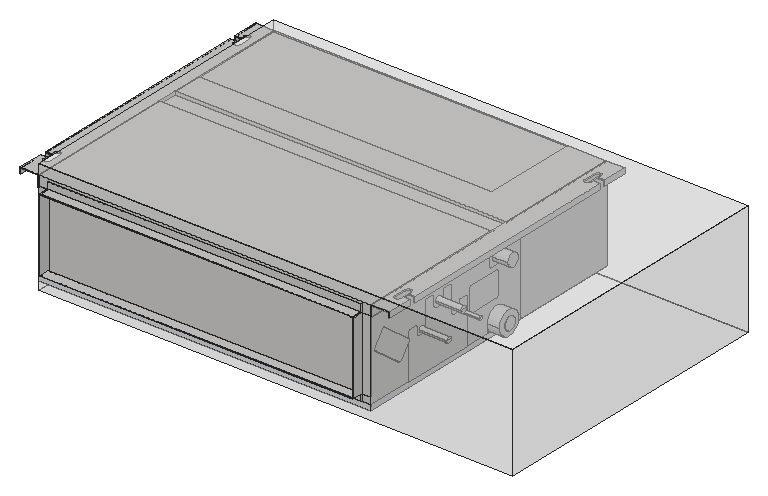
Revit family "outputfile", category 機械設備, Revit 2024
Family settings
  丸型コネクタ寸法 = 半径を使用
  パーツ タイプ = 標準
  OmniClass 番号 = 23.75.10.24.21.27.27
  OmniClass タイトル = Split System Air Conditioning Units
  作業面ベース = いいえ
  常に垂直 = はい
  ロード時にボイドで切り取り = いいえ
  注釈の向きを維持 = いいえ
  共有 = いいえ
  部屋計算ポイント = はい
Parameters (values of type "FPRQ25APVM")
  Description = ""
  書き出し IFC クラス(タイプ) = "IfcUnitaryEquipmentType"
  定義済み IFC タイプ(タイプ) = "AIRCONDITIONINGUNIT"
  Cost = 0
  Type Comments = ""
  Keynote = ""
  Type Image = (empty or 0)
  Assembly Code = ""
  w_RA Duct Size = RA Duct Size Width + 40.0 mm  # 620.0 mm
  r_HP/LP Gas Pipe Size = [HP/LP Gas Pipe Size] / 2  # 4.75 mm
  lw_HP/LP Gas Pipe Size = 60.0 mm  # constant formula
  lh_HP/LP Gas Pipe Size = -103.0 mm
  ld_HP/LP Gas Pipe Size = 131.0 mm
  製造元 = "Daikin"
  モデル = "FPRQ25APVM"
  w_pipe = 33.0 mm
  r_Liquid Pipe Size = Liquid Pipe Size / 2  # 3.2 mm
  r_Gas Pipe Size = Gas Pipe Size / 2  # 6.35 mm
  r_Drain Pipe Size = Drain Pipe Size / 2  # 13.0 mm
  lw_powersupply = 304.0 mm
  lh_suctionflange [instance] = if(Rear Connection_Return Air, 100.0 mm + [h***], 190.0 mm + [h***])  # 100.0 mm
  ld_suctionflange [instance] = if(Rear Connection_Return Air, 190.0 mm, 100.0 mm)  # 190.0 mm
  ld_powersupply = 60.0 mm
  angle_vertical_RA [instance] = if(Rear Connection_Return Air, 90.00°, 0.00°)  # 90.00°
  angle horizontal_RA [instance] = if(Rear Connection_Return Air, 180.00°, 270.00°)  # 180.00°
  Voltage_comment_60Hz = "220-230"
  Voltage_comment_50Hz = "220 - 240"
  Voltage_60Hz = 220 V
  Voltage_50Hz = 230 V
  URL = ""
  Supply Air Direction [instance] = yes
  Sound Power Level_H speed (dB) = 0
  Rear Connection_Return Air [instance] = not(Bottom Connection_Return Air)  # yes
  RA_length = 190.0 mm  # constant formula
  Phase_60Hz = 1
  Phase_50Hz = 1
  Minimum External Static Pressure = 0.00 Pa
  Minimum Circuit Amps_60Hz = 0.44 A
  Minimum Circuit Amps_50Hz = 0.44 A
  Maximum Fuse Amps_60Hz = 16.0 A
  Maximum Fuse Amps_50Hz = 16.0 A
  Maximum External Static Pressure = 40.00 Pa
  Material_Casing = DAIKIN_GalvanizedSteel_Casing_indoorunit
  lw_liquidpipe = 54.5 mm  # constant formula
  lw_gaspipe = 54.5 mm  # constant formula
  lw_mountinghole_pitch = Width + 40.0 mm  # 740.0 mm
  lw_mountinghole = 20.0 mm  # constant formula
  lw_drainpipe = 33.0 mm  # constant formula
  lh_powersupply = 10.0 mm
  lh_liquidpipe = 97.0 mm
  lh_gaspipe = 133.0 mm
  lh_mountinghole = Height + [h***]  # 200.0 mm
  lh_drainpipe = 50.0 mm
  lh_antena = 1.0 mm  # constant formula
  ld_liquidpipe = 221.0 mm  # constant formula
  ld_gaspipe = 176.0 mm  # constant formula
  ld_mountinghole_pitch = 500.0 mm  # constant formula
  ld_drainpipe = 287.0 mm  # constant formula
  ld_controlbox = 626.0 mm  # constant formula
  h*** = 0.0 mm  # constant formula
  d_dischargeflange = 22.2 mm  # constant formula
  Width = 700.0 mm
  Version = "ver.1.0"
  Unit Type = "Compact Moisture Control Ceiling Mounted Duct Type"
  Unit Mass Weight = 24.00 kg
  Unit Designation [instance] = ""
  Uniclass2015Version = "Products v1.30"
  Uniclass2015Title = "Variable refrigerant flow units"
  Uniclass2015Code = "Pr_70_65_03_94"
  Total Cooling Capacity [instance] = 0.000 kW
  Sound Pressure Level_M speed (dBA) = 26
  Sound Pressure Level_L speed (dBA) = 23
  Sound Pressure Level_H speed (dBA) = 29
  Series = "VRV HOME_Fan Coil Unit"
  Sensible Cooling Capacity [instance] = 0.000 kW
  SA Duct Size Width = 660.0 mm
  SA Duct Size Height = 153.0 mm
  Refrigerant Type = "R410A"
  RA Duct Size Width = 580.0 mm
  RA Duct Size Height = 160.0 mm
  Power Input (Cooling) = 0.033 kW
  Option Accessory 3 [instance] = ""
  Option Accessory 2 [instance] = ""
  Option Accessory 1 [instance] = ""
  Nominal Cooling Capacity = 2.800 kW
  Minimum Airflow = 324.00 m³/h
  Median Airflow = 378.00 m³/h
  Maximum Airflow = 432.00 m³/h
  Load Classification = HVAC
  Liquid Pipe Size = 6.4 mm
  Link_Nested Family [instance] = ""
  IfcVersion = ""
  IfcExportType = "AIRCONDITIONINGUNIT"
  IfcExportAs = "IfcUnitaryEquipmentType"
  Height = 200.0 mm
  Heat Exchanger Type = "Cross Fin Coil"
  HP/LP Gas Pipe Size = 9.5 mm
  Gas Pipe Size = 12.7 mm
  Frequency_60Hz = 60 Hz
  Frequency_50Hz = 50 Hz
  Fan Type = "Sirocco Fan"
  Fan Drive = "Direct Drive"
  FCU Tag No. [instance] = ""
  Drain Pipe Size = 26.0 mm
  Design Supply Airflow [instance] = 0.00 m³/h
  Design Return Airflow [instance] = 0.00 m³/h
  Design External Static Pressure [instance] = 0.00 Pa
  Depth = 620.0 mm
  既定の高さ = 0.0 mm
  Cooling Entering Wet Bulb Temperature [instance] = 0.00 °C
  Cooling Entering Dry Bulb Temperature [instance] = 0.00 °C
  Cooling Ambient Wet Bulb Temperature [instance] = 0.00 °C
  Cooling Ambient Dry Bulb Temperature [instance] = 0.00 °C
  Clearance visibility [instance] = yes
  Clearance Top = 20.0 mm
  Clearance Right = 300.0 mm
  Clearance Rear = 0.0 mm
  Clearance Left = 0.0 mm
  Clearance Front = 0.0 mm
  Clearance Bottom = 20.0 mm
  Bottom Connection_Return Air [instance] = no
Reference planes
  plane 1 "Center (Front/Back)": y = 0
  plane 2: z = 0
  plane 3 "Center (Left/Right)": x = 0
  plane 4 "Back": y = 310
  plane 5 "Front": y = -310
  plane 6 "Left": x = -350
  plane 7 "Right": x = 350
  plane 8 "Top": z = 0
  plane 9 "Bottom": z = -200
  plane 10: x = 330
  plane 11: x = -330
  plane 12: z = -190
  plane 13: z = -6
  plane 14: z = -22
  plane 15: z = -103
  plane 16: z = -67
  plane 17: x = -304
  plane 18: x = 304
  plane 19: x = -370
  plane 20: x = 370
  plane 21: y = -250
  plane 22: y = 250
  plane 23: x = -390
  plane 24: x = 390
  plane 25: x = 404.5
  plane 26: x = 404.5
  plane 27: x = 383
  plane 28: z = 0
  plane 29: z = -150
  plane 30 "Clearance Left": x = -350
  plane 31 "Clearance Right": x = 650
  plane 32 "Clearance Rear": y = 310
  plane 33 "Clearance Front": y = -310
  plane 34 "Clearance Top": z = 20
  plane 35 "Clearance Bottom": z = -220
  plane 36: z = -21
  plane 37: z = -50
  plane 38: z = -96.5
  plane 39: x = -40
  plane 40: y = -134
  plane 41: y = -89
  plane 42: y = -30
  plane 43: y = 23
  plane 44: z = -97.5
  plane 45: y = -309
  plane 46: x = -349
  plane 47: z = -100
  plane 48: z = -30
  plane 49: y = 210
  plane 50: z = 301
  plane 51: z = -199
  plane 52: y = 120
  plane 53: z = -101
  plane 54: x = 380
  plane 55: z = 11
  plane 56: z = 102.5
  plane 57: y = -179
Forms (mm)
  Extrusion 1, solid
    sketch origin (0, 0, 0) x (1, 0, 0) y (0, 0, 1)
      loop
        line (-350, -189.537) -> (-350, -200) -> (350, -200) -> (350, -189.537) -> (-350, -189.537)
    from -84 to 310
  Extrusion 2, solid, material "DAIKIN_GalvanizedSteel_Casing_indoorunit" <- "Material_Casing"
    sketch origin (0, 0, 0) x (1, 0, 0) y (0, 1, 0)
      loop
        line (-350, -310) -> (350, -310) -> (350, 310) -> (-350, 310) -> (-350, -310)
    from -200 to 0
  Extrusion 3, void
    sketch origin (0, 0, 1) x (1, 0, 0) y (0, 1, 0)
      loop
        line (-350, 48) -> (-350, 6) -> (350, 6) -> (350, 48) -> (-350, 48)
    from -1 to -7
  Extrusion 4, void
    sketch origin (350, 0, 0) x (0, 1, 0) y (0, 0, 1)
      loop
        line (44.5, -189.537) -> (44.5, -170)
        arc (44.5, -170) -> (20, -145.5) -> (-4.5, -170) r 24.5
        line (-4.5, -170) -> (-4.5, -189.537) -> (44.5, -189.537)
    from -1 to 0
  Revolve 5, solid, material "DAIKIN_GalvanizedSteel_Casing_indoorunit" <- "Material_Casing"
    sketch origin (0, 0, -67) x (0, -1, 0) y (1, 0, 0)
      loop
        line (127.65, 351) -> (134, 351) -> (134, 404.5) -> (127.65, 404.5) -> (127.65, 351)
      axis (134, 351) -> (134, 404.5)
    angle from 0 to 360
  Revolve 6, solid, material "DAIKIN_GalvanizedSteel_Casing_indoorunit" <- "Material_Casing"
    sketch origin (0, 0, -103) x (0, -1, 0) y (1, 0, 0)
      loop
        line (89, 351) -> (89, 404.5) -> (85.8, 404.5) -> (85.8, 351) -> (89, 351)
      axis (89, 404.5) -> (89, 351)
    angle from 0 to 360
  Extrusion 7, solid, material "DAIKIN_GalvanizedSteel_Casing_indoorunit" <- "Material_Casing"
    sketch origin (350, 0, 0) x (0, 1, 0) y (0, 0, 1)
      loop
        circle (23, -50) r 13
    from 0 to 33
  Extrusion 8, solid, material "DAIKIN_GalvanizedSteel_Casing_indoorunit" <- "Material_Casing"
    sketch origin (0, 0, 0) x (1, 0, 0) y (0, 0, 1)
      loop
        line (-350, -189.537) -> (-350, -200) -> (350, -200) -> (350, -189.537) -> (-350, -189.537)
    from -84 to 310
  Extrusion 9, solid, material "DAIKIN_GalvanizedSteel_Casing_indoorunit" <- "Material_Casing", visible <- "Bottom Connection_Return Air"
    sketch origin (0, 0, 0) x (1, 0, 0) y (0, 0, 1)
      loop
        line (269, -200) -> (269, -1) -> (-349, -1) -> (-349, -200) -> (269, -200)
    from -310 to -309
  Extrusion 10, void
    sketch origin (0, 0, 0) x (1, 0, 0) y (0, 0, 1)
      loop
        line (269, 0) -> (-349, 0) -> (-349, -1) -> (269, -1) -> (269, 0)
    from -310 to -111
  Extrusion 11, solid, material "DAIKIN_GalvanizedSteel_Casing_indoorunit" <- "Material_Casing", visible <- "Rear Connection_Return Air"
    sketch origin (0, 0, 0) x (1, 0, 0) y (0, 1, 0)
      loop
        line (-349, 310) -> (-349, 111) -> (269, 111) -> (269, 310) -> (-349, 310)
    from -200 to -199
  Extrusion 12, solid, material "DAIKIN_GalvanizedSteel_Casing_indoorunit" <- "Material_Casing"
    sketch origin (350, 0, 0) x (0, 1, 0) y (0, 0, 1)
      loop
        line (310, -22.445) -> (86.953, -22.445)
        arc (86.953, -22.445) -> (84.831, -23.324) -> (83.953, -25.445) r 3
        line (83.953, -25.445) -> (83.953, -195.005)
        arc (83.953, -195.005) -> (84.831, -197.126) -> (86.953, -198.005) r 3
        line (86.953, -198.005) -> (310, -198.005) -> (310, -22.445)
    from 1 to 0
  Extrusion 13, void
    sketch origin (350, 0, 0) x (0, 1, 0) y (0, 0, 1)
      loop
        arc (38.961, -70.949) -> (42.488, -69.488) -> (43.949, -65.961) r 4.988
        line (43.949, -65.961) -> (43.949, -34.039)
        arc (43.949, -34.039) -> (42.488, -30.512) -> (38.961, -29.051) r 4.988
        line (38.961, -29.051) -> (7.039, -29.051)
        arc (7.039, -29.051) -> (3.512, -30.512) -> (2.051, -34.039) r 4.988
        line (2.051, -34.039) -> (2.051, -65.961)
        arc (2.051, -65.961) -> (3.512, -69.488) -> (7.039, -70.949) r 4.988
        line (7.039, -70.949) -> (38.961, -70.949)
    from 0 to -1
  Extrusion 14, solid, material "DAIKIN_GalvanizedSteel_Casing_indoorunit" <- "Material_Casing"
    sketch origin (350, 0, 0) x (0, 1, 0) y (0, 0, 1)
      loop
        circle (20, -170) r 24.5
    from 27 to -1
  Extrusion 15, solid, material "DAIKIN_GalvanizedSteel_Casing_indoorunit" <- "Material_Casing"
    sketch origin (350, 0, 0) x (0, 1, 0) y (0, 0, 1)
      loop
        circle (20, -170) r 13
    from 30 to 27
  Revolve 16, solid, material "DAIKIN_GalvanizedSteel_Casing_indoorunit" <- "Material_Casing"
    sketch origin (0, -90, -103) x (0, -1, 0) y (1, 0, 0)
      loop
        line (89, 351) -> (89, 410) -> (84.25, 410) -> (84.25, 351) -> (89, 351)
      axis (89, 410) -> (89, 351)
    angle from 0 to 360
  Extrusion 17, solid, material "DAIKIN_GalvanizedSteel_Casing_indoorunit" <- "Material_Casing"
    sketch origin (350, 0, 0) x (0, 1, 0) y (0, 0, 1)
      loop
        line (-211.205, -110.811) -> (-211.205, -106.897) -> (-275.959, -56.305)
        arc (-275.959, -56.305) -> (-277.067, -55.998) -> (-278.067, -56.564) r 1.502
        line (-278.067, -56.564) -> (-301.436, -86.475)
        arc (-301.436, -86.475) -> (-302.05, -88.69) -> (-300.919, -90.691) r 3.003
        line (-300.919, -90.691) -> (-237.814, -139.993)
        arc (-237.814, -139.993) -> (-235.6, -140.607) -> (-233.599, -139.475) r 3.003
        line (-233.599, -139.475) -> (-211.205, -110.811)
      loop
        line (-50.992, -82.409) -> (-50.992, -128.409)
        arc (-50.992, -128.409) -> (-50.114, -130.53) -> (-47.992, -131.409) r 3
        line (-47.992, -131.409) -> (19.012, -131.409)
        arc (19.012, -131.409) -> (21.133, -130.53) -> (22.012, -128.409) r 3
        line (22.012, -128.409) -> (22.012, -82.409)
        arc (22.012, -82.409) -> (21.133, -80.287) -> (19.012, -79.409) r 3
        line (19.012, -79.409) -> (-47.992, -79.409)
        arc (-47.992, -79.409) -> (-50.114, -80.287) -> (-50.992, -82.409) r 3
    from 0 to 1
  Extrusion 18, solid, material "DAIKIN_GalvanizedSteel_Casing_indoorunit" <- "Material_Casing"
    sketch origin (350, 0, 0) x (0, 1, 0) y (0, 0, 1)
      loop
        line (-58.882, -189.537) -> (-58.882, -94.397)
        arc (-58.882, -94.397) -> (-59.762, -92.274) -> (-61.885, -91.394) r 3.003
        line (-61.885, -91.394) -> (-74.026, -91.394)
        arc (-74.026, -91.394) -> (-76.15, -92.274) -> (-77.029, -94.397) r 3.003
        line (-77.029, -94.397) -> (-77.029, -103)
        arc (-77.029, -103) -> (-88.474, -114.959) -> (-100.924, -104.052) r 11.971
        line (-100.924, -104.052) -> (-100.924, -56.159)
        arc (-100.924, -56.159) -> (-101.804, -54.035) -> (-103.927, -53.156) r 3.003
        line (-103.927, -53.156) -> (-116.44, -53.156)
        arc (-116.44, -53.156) -> (-118.563, -54.035) -> (-119.443, -56.159) r 3.003
        line (-119.443, -56.159) -> (-119.443, -67)
        arc (-119.443, -67) -> (-134, -81.557) -> (-148.557, -67) r 14.557
        line (-148.557, -67) -> (-148.557, -56.159)
        arc (-148.557, -56.159) -> (-149.437, -54.035) -> (-151.56, -53.156) r 3.003
        line (-151.56, -53.156) -> (-164.073, -53.156)
        arc (-164.073, -53.156) -> (-166.196, -54.035) -> (-167.076, -56.159) r 3.003
        line (-167.076, -56.159) -> (-167.076, -103)
        arc (-167.076, -103) -> (-179.13, -115.055) -> (-191.185, -103) r 12.055
        line (-191.185, -103) -> (-191.185, -94.397)
        arc (-191.185, -94.397) -> (-192.064, -92.274) -> (-194.188, -91.394) r 3.003
        line (-194.188, -91.394) -> (-208.202, -91.394)
        arc (-208.202, -91.394) -> (-210.325, -92.274) -> (-211.205, -94.397) r 3.003
        line (-211.205, -94.397) -> (-211.205, -189.537) -> (-58.882, -189.537)
    from 0 to 1
Cuts and joins
  Extrusion 3, Extrusion 4, Extrusion 10, Extrusion 13 cuts Extrusion 2
  Extrusion 4 cuts Extrusion 1
  Extrusion 10 cuts Extrusion 8
Dimensions and locks
  "lh_powersupply": plane 12 to plane 9 "Bottom"
  locked: plane 8 "Top" to plane 13 at 6
  "Height": plane 8 "Top" to plane 9 "Bottom"
  equal spacing: plane 17, plane 3 "Center (Left/Right)", plane 18, locked at 304 each
  plane 17 to plane 18 = 608.0 mm
  equal spacing: plane 19, plane 3 "Center (Left/Right)", plane 20
  "lw_mountinghole_pitch": plane 19 to plane 20
  locked: plane 14 to plane 9 "Bottom" at 178
  "lw_mountinghole": plane 23 to plane 19
  "lh_liquidpipe": plane 15 to plane 9 "Bottom"
  "lh_gaspipe": plane 16 to plane 9 "Bottom"
  "lh_mountinghole": plane 28 to plane 9 "Bottom"
  "ld_mountinghole_pitch": plane 22 to plane 21
  equal spacing: plane 6 "Left", plane 3 "Center (Left/Right)", plane 7 "Right"
  "Width": plane 6 "Left" to plane 7 "Right"
  "lh_drainpipe": plane 29 to plane 9 "Bottom"
  "Clearance Right": plane 7 "Right" to plane 31 "Clearance Right"
  "Clearance Left": plane 30 "Clearance Left" to plane 6 "Left"
  "lw_gaspipe": plane 7 "Right" to plane 26
  "lw_liquidpipe": plane 7 "Right" to plane 25
  "lw_drainpipe": plane 7 "Right" to plane 27
  "Clearance Rear": plane 32 "Clearance Rear" to plane 4 "Back"
  "Clearance Front": plane 5 "Front" to plane 33 "Clearance Front"
  "Clearance Top": plane 34 "Clearance Top" to plane 8 "Top"
  "Clearance Bottom": plane 9 "Bottom" to plane 35 "Clearance Bottom"
  "lw_powersupply": plane 3 "Center (Left/Right)" to plane 18
  locked: plane 8 "Top" to plane 36 at 21
  "lh_drainpipe": plane 8 "Top" to plane 37
  locked: plane 38 to plane 9 "Bottom" at 103.5
  locked: plane 36 to plane 44 at 76.5
  "Depth": plane 4 "Back" to plane 5 "Front"
  equal spacing: plane 4 "Back", plane 1 "Center (Front/Back)", plane 5 "Front"
  locked: plane 45 to plane 5 "Front" at 1
  locked: plane 46 to plane 6 "Left" at 1
  Extrusion 9 sketch curve to Extrusion 9 sketch curve = 199.0 mm
  nested 12 to plane 39 = 290.0 mm
  locked: plane 12 to plane 47 at 90
  plane 32 "Clearance Rear" to Extrusion 9 = 1.0 mm
  locked: plane 48 to plane 35 "Clearance Bottom" at 190
  plane 49 to nested 13 = 80.0 mm
  plane 50 to plane 28 = 301.0 mm
  locked: plane 51 to plane 9 "Bottom" at 1
  "ld_suctionflange": plane 4 "Back" to plane 52
  locked: plane 53 to plane 9 "Bottom" at 99
  locked: plane 54 to plane 7 "Right" at 30
  "r_Gas Pipe Size": Revolve 5 sketch curve to Revolve 5 sketch curve
  "ld_gaspipe": plane 40 to plane 5 "Front"
  "r_Liquid Pipe Size": Revolve 6 sketch curve to plane 41
  "ld_liquidpipe": plane 41 to plane 5 "Front"
  "ld_drainpipe": plane 4 "Back" to plane 43
  "r_HP/LP Gas Pipe Size": Revolve 16 sketch curve to plane 57
  "ld_HP/LP Gas Pipe Size": plane 57 to plane 5 "Front"
  plane 8 "Top" to plane 15 = 103.0 mm
  Extrusion 3 sketch curve to plane 5 "Front" = 316.0 mm
  locked: nested 11 to plane 7 "Right" at 19.5
  locked: plane 4 "Back" to nested 11 at 49.2
  locked: plane 7 "Right" to Extrusion 10 sketch curve at 81
  locked: plane 7 "Right" to Extrusion 9 sketch curve at 81
  "ld_gaspipe": Revolve 5 sketch curve to plane 5 "Front"
  plane 8 "Top" to Extrusion 13 sketch curve to Extrusion 13 sketch curve = 29.051 mm locked, 41.898 mm locked
  "r_Drain Pipe Size": radius of Extrusion 7 sketch curve
  aligned and locked: level to plane 2
  aligned and locked: Extrusion 2 to plane 9 "Bottom"
  aligned and locked: plane 8 "Top" to Extrusion 2
  aligned and locked: Revolve 5 sketch curve to Revolve 5 sketch curve
  aligned and locked: cut or joined group of Extrusion 1, Extrusion 4 to plane 9 "Bottom"
  aligned and locked: plane 25 to nested 6
  aligned and locked: nested 6 to plane 15
  aligned and locked: nested 2 to plane 22
  aligned and locked: plane 20 to nested 2
  aligned and locked: plane 20 to nested 3
  aligned and locked: plane 19 to nested 4
  aligned and locked: plane 22 to nested 5
  aligned and locked: nested 5 to plane 22
  aligned and locked: plane 19 to nested 5
  aligned and locked: plane 8 "Top" to nested 1
  aligned and locked: Extrusion 8 to plane 5 "Front"
  aligned and locked: Extrusion 8 to plane 9 "Bottom"
  aligned and locked: nested 7 to plane 16
  aligned and locked: plane 4 "Back" to nested 1
  aligned and locked: plane 40 to nested 7
  aligned and locked: plane 41 to nested 6
  aligned and locked: Extrusion 7 sketch curve to plane 43
  aligned and locked: nested 12 to plane 46
  aligned and locked: plane 4 "Back" to Extrusion 10
  aligned and locked: plane 8 "Top" to Extrusion 3
  aligned and locked: Extrusion 9 to cut or joined group of Extrusion 2, Extrusion 3, Extrusion 4, Extrusion 10, Extrusion 13
  aligned and locked: plane 9 "Bottom" to Extrusion 11  (x2)
  aligned and locked: Extrusion 11 to plane 51
  aligned and locked: plane 4 "Back" to nested 12
  aligned and locked: Extrusion 10 to level
  aligned and locked: plane 31 "Clearance Right" to nested 14
  aligned and locked: plane 30 "Clearance Left" to nested 14
  aligned and locked: nested 14 to plane 33 "Clearance Front"
  aligned and locked: nested 14 to plane 34 "Clearance Top"
  aligned and locked: nested 14 to plane 35 "Clearance Bottom"
  aligned and locked: plane 7 "Right" to Extrusion 12
  aligned and locked: Extrusion 3 to plane 13
  aligned and locked: plane 52 to nested 15
  aligned and locked: nested 8 to plane 37
  aligned and locked: nested 10 to plane 1 "Center (Front/Back)"
  aligned and locked: plane 46 to Extrusion 9
  aligned and locked: nested 12 to plane 51
  aligned and locked: plane 3 "Center (Left/Right)" to nested 10
  aligned and locked: plane 13 to nested 16
  aligned and locked: plane 44 to nested 9
  aligned and locked: level to plane 8 "Top"
  aligned and locked: plane 3 "Center (Left/Right)" to nested 1
  aligned and locked: Extrusion 2 sketch curve to plane 5 "Front"
  aligned and locked: plane 3 "Center (Left/Right)" to nested 16
  aligned and locked: plane 5 "Front" to nested 16
  aligned and locked: nested 9 to plane 5 "Front"
  aligned and locked: plane 41 to Revolve 6 sketch curve  (x2)
  aligned and locked: plane 57 to nested 17
  aligned and locked: plane 57 to Revolve 16 sketch curve  (x2)
  aligned and locked: Revolve 16 sketch curve to nested 17
  aligned and locked: nested 17 to plane 15
  aligned and locked: plane 7 "Right" to nested 7
  aligned and locked: plane 7 "Right" to nested 17
  aligned and locked: Extrusion 11 sketch curve to cut or joined group of Extrusion 2, Extrusion 3, Extrusion 4, Extrusion 10, Extrusion 13  (x2)
  aligned and locked: plane 46 to nested 13
  aligned and locked: plane 7 "Right" to nested 8
  aligned and locked: plane 43 to nested 8
  aligned and locked: nested 11 to plane 9 "Bottom"
  aligned and locked: plane 32 "Clearance Rear" to nested 14
Automatic sketch dimensions
  Extrusion 1 sketch curve to plane 6 "Left" = 0.0 mm
  Extrusion 1 sketch curve to plane 7 "Right" = 0.0 mm
  Extrusion 1 sketch curve to plane 9 "Bottom" = 0.0 mm
  plane 12 to Extrusion 1 sketch curve = 0.463 mm
  Extrusion 2 sketch curve to plane 4 "Back" = 0.0 mm
  Extrusion 2 sketch curve to plane 6 "Left" = 0.0 mm
  Extrusion 2 sketch curve to plane 7 "Right" = 0.0 mm
  Extrusion 3 sketch curve to plane 6 "Left" = 0.0 mm
  Extrusion 3 sketch curve to plane 7 "Right" = 0.0 mm
  plane 43 to Extrusion 3 sketch curve = 25.0 mm
  plane 1 "Center (Front/Back)" to Extrusion 4 sketch curve = 4.5 mm
  Extrusion 4 sketch curve to plane 43 = 3.0 mm
  plane 12 to Extrusion 4 sketch curve = 0.463 mm
  Extrusion 4 sketch curve to Extrusion 4 sketch curve = 19.537 mm
  Revolve 5 sketch curve to plane 25 = 0.0 mm
  plane 7 "Right" to Revolve 5 sketch curve = 1.0 mm
  Revolve 5 sketch curve to plane 39 = 57.997 mm
  plane 25 to Revolve 5 sketch curve = 1.003 mm
  Revolve 6 sketch curve to plane 25 = 0.0 mm  (x2)
  plane 7 "Right" to Revolve 6 sketch curve = 1.0 mm
  Revolve 6 sketch curve to Revolve 6 sketch curve = 0.0 mm
  Extrusion 8 sketch curve to plane 6 "Left" = 0.0 mm
  Extrusion 8 sketch curve to plane 7 "Right" = 0.0 mm
  Extrusion 8 sketch curve to plane 9 "Bottom" = 0.0 mm
  plane 12 to Extrusion 8 sketch curve = 0.463 mm
  plane 46 to Extrusion 9 sketch curve = 0.0 mm
  Extrusion 9 sketch curve to plane 9 "Bottom" = 0.0 mm
  plane 46 to Extrusion 10 sketch curve = 0.0 mm
  Extrusion 10 sketch curve to level = 0.0 mm
  Extrusion 10 sketch curve to level = 1.0 mm
  Extrusion 11 sketch curve to plane 46 = 0.0 mm
  Extrusion 11 sketch curve to plane 4 "Back" = 0.0 mm
  Extrusion 13 sketch curve to plane 1 "Center (Front/Back)" = 2.051 mm
  Extrusion 13 sketch curve to plane 1 "Center (Front/Back)" = 7.039 mm
  Extrusion 13 sketch curve to Extrusion 13 sketch curve = 4.988 mm
  plane 43 to Extrusion 13 sketch curve = 15.961 mm  (x2)
  plane 16 to Extrusion 13 sketch curve = 1.039 mm
  Extrusion 14 sketch curve to plane 43 = 3.0 mm
  plane 12 to Extrusion 14 sketch curve = 20.0 mm
  Extrusion 15 sketch curve to plane 43 = 3.0 mm
  plane 12 to Extrusion 15 sketch curve = 20.0 mm
  plane 45 to Extrusion 17 sketch curve = 7.564 mm
  plane 38 to Extrusion 17 sketch curve = 5.809 mm
  Extrusion 17 sketch curve to Extrusion 17 sketch curve = 0.518 mm  (x2)
  Extrusion 17 sketch curve to Extrusion 17 sketch curve = 2.366 mm  (x3)
  Extrusion 17 sketch curve to plane 37 = 6.564 mm
  Extrusion 17 sketch curve to plane 21 = 28.067 mm
  Extrusion 17 sketch curve to Extrusion 17 sketch curve = 1.183 mm
  Extrusion 17 sketch curve to plane 37 = 6.305 mm
  Extrusion 17 sketch curve to Extrusion 17 sketch curve = 0.924 mm
  plane 21 to Extrusion 17 sketch curve = 12.186 mm
  Extrusion 17 sketch curve to Extrusion 17 sketch curve = 1.849 mm
  plane 29 to Extrusion 17 sketch curve = 10.525 mm
  Extrusion 17 sketch curve to plane 15 = 7.811 mm
  Extrusion 17 sketch curve to plane 57 = 32.205 mm
  Extrusion 17 sketch curve to plane 42 = 20.992 mm
  Extrusion 17 sketch curve to Extrusion 17 sketch curve = 3.0 mm  (x2)
  Extrusion 17 sketch curve to plane 43 = 3.988 mm  (x2)
  Extrusion 17 sketch curve to plane 43 = 0.988 mm
  plane 29 to Extrusion 17 sketch curve = 18.591 mm
  Extrusion 17 sketch curve to plane 15 = 3.897 mm
  plane 38 to Extrusion 17 sketch curve = 14.091 mm
  Extrusion 18 sketch curve to plane 15 = 0.0 mm  (x2)
  Extrusion 18 sketch curve to plane 16 = 0.0 mm  (x3)
  Extrusion 18 sketch curve to plane 41 = 0.0 mm
  Extrusion 18 sketch curve to plane 41 = 11.924 mm  (x2)
  Extrusion 18 sketch curve to plane 15 = 1.052 mm
  Extrusion 18 sketch curve to Extrusion 18 sketch curve = 3.003 mm  (x8)
  Extrusion 18 sketch curve to plane 37 = 3.156 mm  (x2)
  Extrusion 18 sketch curve to Extrusion 18 sketch curve = 12.513 mm  (x2)
  Extrusion 18 sketch curve to plane 37 = 6.159 mm  (x4)
  Extrusion 18 sketch curve to Extrusion 18 sketch curve = 0.0 mm  (x6)
  Extrusion 18 sketch curve to plane 40 = 0.0 mm
  plane 57 to Extrusion 18 sketch curve = 11.924 mm
  Extrusion 18 sketch curve to plane 57 = 0.13 mm
  plane 38 to Extrusion 18 sketch curve = 2.103 mm  (x5)
  Extrusion 18 sketch curve to Extrusion 18 sketch curve = 14.014 mm
  plane 12 to Extrusion 18 sketch curve = 0.463 mm
  Extrusion 18 sketch curve to plane 57 = 32.205 mm
  plane 38 to Extrusion 18 sketch curve = 5.106 mm
  Extrusion 18 sketch curve to Extrusion 18 sketch curve = 12.141 mm
  Extrusion 18 sketch curve to plane 42 = 28.882 mm
  Extrusion 12 sketch curve to plane 4 "Back" = 0.0 mm
  plane 51 to Extrusion 12 sketch curve = 0.995 mm
  Extrusion 12 sketch curve to plane 52 = 33.047 mm  (x2)
  Extrusion 12 sketch curve to plane 14 = 3.445 mm
  Extrusion 12 sketch curve to Extrusion 12 sketch curve = 3.0 mm
  Extrusion 7 sketch curve to plane 37 = 0.0 mm
  Revolve 16 sketch curve to plane 25 = 0.0 mm
  plane 7 "Right" to Revolve 16 sketch curve = 1.0 mm
  Revolve 16 sketch curve to Revolve 16 sketch curve = 0.0 mm
  radius of Extrusion 14 sketch curve = 24.5 mm
  radius of Extrusion 15 sketch curve = 13.0 mm
Nested families
  nested 1: "daikin_hangerfixture_FPRQ-APVM" at (0, 0, 0), type "daikin_hangerfixture_FPRQ-APVM"
  nested 2: "daikin_mountinghole" at (370, 250, -200), l_antenna <- "lh_antena", Link_Nested Family <- "Link_Nested Family", h_mountinghole <- "lh_mountinghole", type "daikin_mountinghole"
    with show yes, l_antenna 1.0 mm, h_mountinghole 200.0 mm, Link_Nested Family ""
  nested 3: "daikin_mountinghole" at (370, -250, -200), Link_Nested Family <- "Link_Nested Family", l_antenna <- "lh_antena", h_mountinghole <- "lh_mountinghole", type "daikin_mountinghole"
    with show yes, l_antenna 1.0 mm, h_mountinghole 200.0 mm, Link_Nested Family ""
  nested 4: "daikin_mountinghole" at (-370, -250, -200), l_antenna <- "lh_antena", Link_Nested Family <- "Link_Nested Family", h_mountinghole <- "lh_mountinghole", type "daikin_mountinghole"
    with show yes, l_antenna 1.0 mm, h_mountinghole 200.0 mm, Link_Nested Family ""
  nested 5: "daikin_mountinghole" at (-370, 250, -200), l_antenna <- "lh_antena", Link_Nested Family <- "Link_Nested Family", h_mountinghole <- "lh_mountinghole", type "daikin_mountinghole"
    with show yes, l_antenna 1.0 mm, h_mountinghole 200.0 mm, Link_Nested Family ""
  nested 6: "daikin_connector_rotate2" at (350, -89, -103) x (0, 1, 0) z (0, 0, 1), length <- "lw_liquidpipe", built-in parameter 1001364 <- "lh_liquidpipe", radius <- "r_Liquid Pipe Size", type "daikin_connector_rotate2"
    with radius 3.2 mm, length 54.5 mm, angle_vertical 90.00°
  nested 7: "daikin_connector_rotate2" at (350, -134, -67) x (0, 1, 0) z (0, 0, 1), length <- "lw_gaspipe", built-in parameter 1001364 <- "lh_gaspipe", radius <- "r_Gas Pipe Size", type "daikin_connector_rotate2"
    with radius 6.35 mm, length 54.5 mm, angle_vertical 90.00°
  nested 8: "daikin_connector_rotate2" at (350, 23, -50) x (0, 1, 0) z (0, 0, 1), built-in parameter 1001364 <- "lh_drainpipe", radius <- "r_Drain Pipe Size", length <- "lw_drainpipe", type "daikin_connector_rotate2"
    with radius 13.0 mm, length 33.0 mm, angle_vertical 90.00°
  nested 9: "daikin_connector_rotate2" at (0, -310, -97.5), length <- "d_dischargeflange", type "daikin_connector_rotate2"
    with radius 10.0 mm, length 22.2 mm, angle_vertical 90.00°
  nested 10: "daikin_△_symbolicline" at (-75, -129.904, 200) x (-0.5, 0.866, 0) z (0, 0, 1), built-in parameter 1001364 <- "Height", visible <- "Supply Air Direction", type "daikin_△_symbolicline"
    with length 300.0 mm
  nested 11: "daikin_connector_rotate2" at (330.5, 260.8, -140) x (-1, 0, 0) z (0, 0, 1), type "daikin_connector_rotate2"
    with radius 10.0 mm, length 60.0 mm, angle_vertical 0.00°
  nested 12: "daikin_ductflange_FPRQ-APVM_2" at (-40, 310, -100), material <- "Material_Casing", visible <- "Rear Connection_Return Air", height <- "RA Duct Size Height", width <- "w_RA Duct Size", type "daikin_ductflange_FPRQ-APVM_2"
    with width 620.0 mm, material DAIKIN_GalvanizedSteel_Casing_indoorunit, height 160.0 mm, depth 21.2 mm
  nested 13: "daikin_ductflange_FPRQ-APVM_2" at (-40, 210, -200) x (1, 0, 0) z (0, 1, 0), material <- "Material_Casing", visible <- "Bottom Connection_Return Air", width <- "w_RA Duct Size", height <- "RA Duct Size Height", type "daikin_ductflange_FPRQ-APVM_2"
    with width 620.0 mm, material DAIKIN_GalvanizedSteel_Casing_indoorunit, height 160.0 mm, depth 21.2 mm
  nested 14: "daikin_clearancespace" at (150, 0, -99.881), visible <- "Clearance visibility", show <- "Clearance visibility", Link_Nested Family <- "Link_Nested Family", type "daikin_clearancespace"
    with width 1000.0 mm, show yes, height 240.0 mm, depth 620.0 mm, Link_Nested Family ""
  nested 15: "daikin_connector_rotate3" at (-40, 120, -100), built-in parameter 1001364 <- "lh_suctionflange", angle_vertical <- "angle_vertical_RA", angle_horizontal <- "angle horizontal_RA", length <- "RA_length", type "daikin_connector_rotate3"
    with show no, radius 10.0 mm, length 190.0 mm, angle_vertical 90.00°, angle_horizontal 180.00°
  nested 16: "daikin_ductflange_FPRQ-APVM_1" at (0, 3.5, -364.201), width <- "SA Duct Size Width", type "daikin_ductflange_FPRQ-APVM_1"
    with width 660.0 mm, material DAIKIN_GalvanizedSteel_Casing_indoorunit, height 155.0 mm, depth 22.2 mm
  nested 17: "daikin_connector_rotate2" at (350, -179, -103) x (0, 1, 0) z (0, 0, 1), length <- "lw_HP/LP Gas Pipe Size", built-in parameter 1001364 <- "lh_HP/LP Gas Pipe Size", radius <- "r_HP/LP Gas Pipe Size", type "daikin_connector_rotate2"
    with radius 4.75 mm, length 60.0 mm, angle_vertical 90.00°
Connectors
  piping at (404.5, -134, -67), diameter 12.7, driven by "r_Gas Pipe Size"
    settings: on nested 7, index 1, connector inside diameter 609.6 mm, connector length 0.0 mm, flow factor 0, pipe flow 0.00 m³/h, pressure drop 0.0 Pa, fitting loss kfactor 0, connector angle 0.00°, fixture units 0, engagement length 0.0 mm, angle of deflection 0.00°, flow configuration 1, flow direction 2, fitting loss method 0, system type 29, joint type 0, gender type 0, connector reference index -1, connector utility 0, adjustable connector no, is connector primary yes, connector description "Refrigerant Gas Piping"
  piping at (404.5, -89, -103), diameter 6.4, driven by "r_Liquid Pipe Size"
    settings: on nested 6, index 2, connector inside diameter 609.6 mm, connector length 0.0 mm, flow factor 0, pipe flow 0.00 m³/h, pressure drop 0.0 Pa, fitting loss kfactor 0, connector angle 0.00°, fixture units 0, engagement length 0.0 mm, angle of deflection 0.00°, flow configuration 1, flow direction 1, fitting loss method 0, system type 29, joint type 0, gender type 0, connector reference index -1, connector utility 0, adjustable connector no, is connector primary no, connector description "Refrigerant Liquid Piping"
  piping at (383, 23, -50), diameter 26, driven by "r_Drain Pipe Size"
    settings: on nested 8, index 3, connector inside diameter 609.6 mm, connector length 0.0 mm, flow factor 0, pipe flow 0.00 m³/h, pressure drop 0.0 Pa, fitting loss kfactor 0, connector angle 0.00°, fixture units 0, engagement length 0.0 mm, angle of deflection 0.00°, flow configuration 1, flow direction 2, fitting loss method 4, system type 16, joint type 0, gender type 0, connector reference index -1, connector utility 0, adjustable connector no, is connector primary no, connector description "Condensate Drain Piping"
  electrical at (330.5, 260.8, -200), driven by "Load Classification"
    settings: on nested 11, index 9, voltage 0 V, apparent load 0 VA, apparent load phase1 0 VA, apparent load phase2 0 VA, apparent load phase3 0 VA, power factor 1, load classification "HVAC", number of poles 1, system type 30, power factor state 1, is connector primary yes, connector utility no, sub classification motor no, connector description "Power Supply"
  hvac at (0, -332.2, -97.5), driven by "SA Duct Size Height", driven by "SA Duct Size Width"
    settings: on nested 9, index 11, duct flow 0.00 m³/h, flow factor 0, pres drop 0.00 Pa, loss coef 0, conn angle 0.00°, conn width 660.0 mm, conn height 153.0 mm, conn diameter 609.6 mm, duct sys type 1, conn prof type 1, flow config 0, flow direction 2, loss method 4, conn ref index -1, conn util no, is conn primary yes, conn desc "SA Duct"
  hvac at (-40, 310, -100), driven by "RA Duct Size Height", driven by "RA Duct Size Width"
    settings: on nested 15, index 12, duct flow 0.00 m³/h, flow factor 0, pres drop 0.00 Pa, loss coef 0, conn angle 0.00°, conn width 580.0 mm, conn height 160.0 mm, conn diameter 609.6 mm, duct sys type 2, conn prof type 1, flow config 0, flow direction 1, loss method 4, conn ref index -1, conn util no, is conn primary no, conn desc "RA Duct"
  piping at (404.5, -134, -67), diameter 12.7, driven by "r_Gas Pipe Size"
    settings: on nested 7, index 13, connector inside diameter 609.6 mm, connector length 0.0 mm, flow factor 0, pipe flow 0.00 m³/h, pressure drop 0.0 Pa, fitting loss kfactor 0, connector angle 0.00°, fixture units 0, engagement length 0.0 mm, angle of deflection 0.00°, flow configuration 1, flow direction 2, fitting loss method 0, system type 29, joint type 0, gender type 0, connector reference index -1, connector utility 0, adjustable connector no, is connector primary no, connector description "Refrigerant Gas Piping"
  piping at (410, -179, -103), diameter 9.5, driven by "r_HP/LP Gas Pipe Size"
    settings: on nested 17, index 14, connector inside diameter 609.6 mm, connector length 0.0 mm, flow factor 0, pipe flow 0.00 m³/h, pressure drop 0.0 Pa, fitting loss kfactor 0, connector angle 0.00°, fixture units 0, engagement length 0.0 mm, angle of deflection 0.00°, flow configuration 1, flow direction 0, fitting loss method 0, system type 29, joint type 0, gender type 0, connector reference index -1, connector utility 0, adjustable connector no, is connector primary no, connector description "Refrigerant HP/LP Gas Piping"
Definition of nested family "daikin_hangerfixture_FPRQ-APVM"
  Parameters (values of type "daikin_hangerfixture_FXDQ-PDVT4")
    width = 700.0 mm
    material = none
    height = 65.0 mm
    depth = 620.0 mm
    Default Elevation = 0.0 mm
  Reference planes
    plane 1 "Center (Front/Back)": y = 0
    plane 2: z = 0
    plane 3 "Center (Left/Right)": x = 0
    plane 4: x = 350
    plane 5: y = 310
    plane 6: y = -310
    plane 7: x = -350
  Forms (mm)
    Extrusion 1, solid, material <- "material"
      sketch origin (0, 0, 0) x (1, 0, 0) y (0, 0, 1)
        loop
          line (350, 0) -> (350, -24.477) -> (351.56, -22.917) -> (351.56, -1.56) -> (387.944, -1.56) -> (387.944, -11.312) -> (389.504, -11.312) -> (389.504, 0) -> (350, 0)
      from -310 to 310
    Extrusion 2, void
      sketch origin (0, 0, 0) x (0, 1, 0) y (0, 0, 1)
        loop
          line (310, -30) -> (310, -17.979) -> (87.935, -17.979) -> (75.914, -30) -> (310, -30)
      from 0 to 618
    Extrusion 3, void
      sketch origin (0, 0, 0) x (1, 0, 0) y (0, 1, 0)
        loop
          line (390, -243.5) -> (377, -243.5) -> (377, -237)
          arc (377, -237) -> (370, -230) -> (363, -237) r 7
          line (363, -237) -> (363, -263)
          arc (363, -263) -> (370, -270) -> (377, -263) r 7
          line (377, -263) -> (377, -256.5) -> (390, -256.5) -> (390, -243.5)
        loop
          line (390, 243.5) -> (390, 256.5) -> (377, 256.5) -> (377, 263)
          arc (377, 263) -> (370, 270) -> (363, 263) r 7
          line (363, 263) -> (363, 237)
          arc (363, 237) -> (370, 230) -> (377, 237) r 7
          line (377, 237) -> (377, 243.5) -> (390, 243.5)
      from -254.96 to 618
    Extrusion 4, solid, material <- "material"
      sketch origin (0, 0, 0) x (-1, 0, 0) y (0, 0, -1)
        loop
          line (350, 0) -> (389.504, 0) -> (389.504, 11.312) -> (387.944, 11.312) -> (387.944, 1.56) -> (351.56, 1.56) -> (351.56, 22.917) -> (350, 24.477) -> (350, 0)
      from -310 to 310
    Extrusion 5, void
      sketch origin (0, 0, 0) x (-1, 0, 0) y (0, -1, 0)
        loop
          line (390, 243.5) -> (390, 256.5) -> (377, 256.5) -> (377, 263)
          arc (377, 263) -> (370, 270) -> (363, 263) r 7
          line (363, 263) -> (363, 237)
          arc (363, 237) -> (370, 230) -> (377, 237) r 7
          line (377, 237) -> (377, 243.5) -> (390, 243.5)
        loop
          line (390, -243.5) -> (377, -243.5) -> (377, -237)
          arc (377, -237) -> (370, -230) -> (363, -237) r 7
          line (363, -237) -> (363, -263)
          arc (363, -263) -> (370, -270) -> (377, -263) r 7
          line (377, -263) -> (377, -256.5) -> (390, -256.5) -> (390, -243.5)
      from -254.96 to 618
  Cuts and joins
    Extrusion 2, Extrusion 3, Extrusion 5 cuts Extrusion 1
    Extrusion 5 cuts Extrusion 4
  Dimensions and locks
    equal spacing: plane 5, plane 1 "Center (Front/Back)", plane 6
    "depth": plane 5 to plane 6
    plane 6 to plane 1 "Center (Front/Back)" to plane 5 = 310.0 mm, 310.0 mm
    locked: Extrusion 1 sketch curve to plane 4 at 1.56
    locked: level to Extrusion 1 sketch curve at 1.56
    locked: Extrusion 1 sketch curve to plane 4 at 39.504
    locked: level to Extrusion 1 sketch curve at 11.312
    locked: Extrusion 1 sketch curve to Extrusion 1 sketch curve at 1.56
    locked: level to Extrusion 1 sketch curve at 24.477
    equal spacing: plane 7, plane 3 "Center (Left/Right)", plane 4
    "width": plane 7 to plane 4
    locked: plane 7 to Extrusion 4 sketch curve at 1.56
    locked: level to Extrusion 4 sketch curve at 11.312
    locked: plane 7 to Extrusion 4 sketch curve at 39.504
    locked: Extrusion 4 sketch curve to Extrusion 4 sketch curve at 1.56
    locked: plane 2 to Extrusion 4 sketch curve at 1.56
    locked: plane 2 to Extrusion 4 sketch curve at 24.477
    locked: Extrusion 5 sketch curve to plane 7 at 13
    aligned and locked: level to plane 2
    aligned and locked: plane 5 to Extrusion 1
    aligned and locked: Extrusion 1 to plane 6
    aligned and locked: Extrusion 1 to plane 4
    aligned and locked: plane 5 to cut or joined group of Extrusion 1, Extrusion 2, Extrusion 3, Extrusion 5
    aligned and locked: cut or joined group of Extrusion 1, Extrusion 2, Extrusion 3, Extrusion 5 to plane 6
    aligned and locked: level to cut or joined group of Extrusion 1, Extrusion 2, Extrusion 3, Extrusion 5
    aligned and locked: plane 5 to cut or joined group of Extrusion 4, Extrusion 5
    aligned and locked: cut or joined group of Extrusion 4, Extrusion 5 to plane 6
    aligned and locked: Extrusion 1 sketch curve to level
    aligned and locked: Extrusion 4 sketch curve to plane 7
    aligned and locked: plane 2 to Extrusion 4 sketch curve
  Automatic sketch dimensions
    Extrusion 2 sketch curve to plane 5 = 0.0 mm
    Extrusion 2 sketch curve to level = 17.979 mm
    Extrusion 2 sketch curve to plane 1 "Center (Front/Back)" = 87.935 mm
    Extrusion 2 sketch curve to level = 30.0 mm
    Extrusion 2 sketch curve to Extrusion 2 sketch curve = 12.021 mm
    plane 4 to Extrusion 3 sketch curve = 13.0 mm  (x2)
    Extrusion 3 sketch curve to Extrusion 3 sketch curve = 7.0 mm  (x4)
    Extrusion 3 sketch curve to Extrusion 3 sketch curve = 13.0 mm  (x4)
    plane 6 to Extrusion 3 sketch curve = 47.0 mm
    Extrusion 3 sketch curve to Extrusion 3 sketch curve = 6.5 mm  (x4)
    Extrusion 3 sketch curve to plane 5 = 73.0 mm
    Extrusion 5 sketch curve to plane 5 = 73.0 mm
    plane 6 to Extrusion 5 sketch curve = 73.0 mm
    Extrusion 5 sketch curve to Extrusion 5 sketch curve = 7.0 mm  (x4)
    Extrusion 5 sketch curve to Extrusion 5 sketch curve = 13.0 mm  (x4)
    Extrusion 5 sketch curve to Extrusion 5 sketch curve = 6.5 mm  (x4)
    Extrusion 1 sketch curve to plane 4 = 0.0 mm
    Extrusion 1 sketch curve to Extrusion 1 sketch curve = 1.56 mm
    Extrusion 4 sketch curve to Extrusion 4 sketch curve = 1.56 mm
    Extrusion 5 sketch curve to plane 7 = 13.0 mm
Definition of nested family "daikin_ductflange_FPRQ-APVM_2"
  Parameters (values of type "daikin_ductflange_FPRQ-APVM_2")
    width [instance] = 620.0 mm
    material [instance] = none
    height [instance] = 160.0 mm
    depth [instance] = 21.2 mm
    Default Elevation = 0.0 mm
  Reference planes
    plane 1 "Center (Front/Back)": y = 0
    plane 2: z = 0
    plane 3 "Center (Left/Right)": x = 0
    plane 4: y = -313.5
    plane 5: y = -334.7
    plane 6: x = -310
    plane 7: x = 310
    plane 8: z = 80
    plane 9: z = -80
    plane 10: z = 100
    plane 11: z = -100
    plane 12: x = -309
    plane 13: x = 309
  Forms (mm)
    Extrusion 1, solid, material <- "material"
      sketch origin (0, 0, 0) x (1, 0, 0) y (0, 0, 1)
        loop
          line (-290, 80) -> (-290, -80) -> (290, -80) -> (290, 80) -> (-290, 80)
        loop
          line (-309, -99) -> (309, -99) -> (309, 99) -> (-309, 99) -> (-309, -99)
      from 0 to 1
  Dimensions and locks
    plane 4 to plane 1 "Center (Front/Back)" = 313.5 mm
    "depth": plane 5 to plane 4
    equal spacing: plane 7, plane 3 "Center (Left/Right)", plane 6, locked at 310 each
    "width": plane 7 to plane 6
    equal spacing: plane 8, level, plane 9
    "height": plane 8 to plane 9
    equal spacing: plane 10, level, plane 11, locked at 100 each
    locked: plane 10 to plane 11 at 200
    plane 12 to plane 6 = 1.0 mm
    locked: plane 7 to plane 13 at 1
    Extrusion 1 sketch curve to Extrusion 1 sketch curve = 19.0 mm  (x4)
    locked: plane 10 to Extrusion 1 sketch curve at 1
    locked: Extrusion 1 sketch curve to plane 11 at 1
    aligned and locked: level to plane 2
    aligned and locked: plane 8 to Extrusion 1
    aligned and locked: plane 9 to Extrusion 1
  Automatic sketch dimensions
    plane 6 to Extrusion 1 sketch curve = 1.0 mm
    Extrusion 1 sketch curve to plane 7 = 1.0 mm
Definition of nested family "daikin_clearancespace"
  Parameters (values of type "daikin_clearancespace")
    Description = "daikin_clearancespace"
    width [instance] = 1823.963 mm
    show [instance] = yes
    material = none
    height [instance] = 1359.762 mm
    depth [instance] = 880.0 mm
    Default Elevation = 0.0 mm
    Link_Nested Family [instance] = ""
  Reference planes
    plane 1 "Center (Front/Back)": y = 0
    plane 2 "Center (Elevation)": z = -0.119
    plane 3 "Center (Left/Right)": x = 0
    plane 4: y = 440
    plane 5: y = -440
    plane 6 "Right": x = 911.982
    plane 7 "Left": x = -911.982
    plane 8 "Top": z = 679.762
    plane 9 "Bottom": z = -680
  Forms (mm)
    Extrusion 1, solid, material <- "material", visible <- "show"
      sketch origin (0, 0, 0) x (1, 0, 0) y (0, 1, 0)
        loop
          line (-911.982, 440) -> (-911.982, -440) -> (911.982, -440) -> (911.982, 440) -> (-911.982, 440)
      from -680 to 679.762
  Lines and regions (mm)
    symbolic lines, visible <- "show"
      curve 1: line (911.982, 440, 0) -> (-911.982, 440, 0)
      curve 2: line (-911.982, 440, 0) -> (-911.982, -440, 0)
      curve 3: line (-911.982, -440, 0) -> (911.982, -440, 0)
      curve 4: line (911.982, -440, 0) -> (911.982, 440, 0)
      curve 5: line (911.982, 0, 679.762) -> (-911.982, 0, 679.762)
      curve 6: line (911.982, 0, -680) -> (911.982, 0, 679.762)
      curve 7: line (-911.982, 0, -680) -> (911.982, 0, -680)
      curve 8: line (-911.982, 0, 679.762) -> (-911.982, 0, -680)
      curve 9: line (0, 440, 679.762) -> (0, -440, 679.762)
      curve 10: line (0, -440, 679.762) -> (0, -440, -680)
      curve 11: line (0, 440, -680) -> (0, 440, 679.762)
      curve 12: line (0, -440, -680) -> (0, 440, -680)
  Dimensions and locks
    "width": plane 7 "Left" to plane 6 "Right"
    "depth": plane 4 to plane 5
    "height": plane 8 "Top" to plane 9 "Bottom"
    equal spacing: plane 7 "Left", plane 3 "Center (Left/Right)", plane 6 "Right"
    equal spacing: plane 4, plane 1 "Center (Front/Back)", plane 5
    equal spacing: plane 8 "Top", plane 2 "Center (Elevation)", plane 9 "Bottom"
    aligned and locked: level to plane 2 "Center (Elevation)"
    aligned and locked: Extrusion 1 sketch curve to plane 4
    aligned and locked: plane 7 "Left" to Extrusion 1 sketch curve
    aligned and locked: Extrusion 1 sketch curve to plane 5
    aligned and locked: Extrusion 1 sketch curve to plane 6 "Right"
    aligned and locked: plane 8 "Top" to Extrusion 1
    aligned and locked: curve 1 to Extrusion 1
    aligned and locked: curve 2 to Extrusion 1
    aligned and locked: curve 3 to Extrusion 1
    aligned and locked: curve 4 to Extrusion 1
    aligned and locked: curve 5 to Extrusion 1
    aligned and locked: curve 6 to Extrusion 1
    aligned and locked: curve 7 to Extrusion 1
    aligned and locked: curve 8 to Extrusion 1
    aligned and locked: curve 9 to Extrusion 1
    aligned and locked: curve 10 to Extrusion 1
    aligned and locked: curve 11 to Extrusion 1
    aligned and locked: curve 12 to Extrusion 1
    aligned and locked: Extrusion 1 to plane 9 "Bottom"
Definition of nested family "daikin_ductflange_FPRQ-APVM_1"
  Parameters (values of type "daikin_ductflange_FXDQ-PDVT4_1")
    width [instance] = 660.0 mm
    material [instance] = none
    height [instance] = 155.0 mm
    depth [instance] = 22.2 mm
    Default Elevation = 0.0 mm
  Reference planes
    plane 1 "Center (Front/Back)": y = 0
    plane 2: z = 189.201
    plane 3 "Center (Left/Right)": x = 0
    plane 4: y = -313.5
    plane 5: x = -330
    plane 6: x = 330
    plane 7: y = -335.7
    plane 8: z = 344.201
    plane 9: z = 266.701
    plane 10: z = 343.201
    plane 11: z = 190.201
  Forms (mm)
    Extrusion 1, solid, material <- "material"
      sketch origin (0, 0, 189.201) x (1, 0, 0) y (0, 1, 0)
        loop
          line (-330, -335.7) -> (-330, -313.5) -> (-350, -313.5) -> (-350, -314.5) -> (-331, -314.5) -> (-331, -335.7) -> (-330, -335.7)
        loop
          line (330, -335.7) -> (331, -335.7) -> (331, -314.5) -> (350, -314.5) -> (350, -313.5) -> (330, -313.5) -> (330, -335.7)
      from 1 to 154
    Extrusion 2, solid, material <- "material"
      sketch origin (0, 0, 0) x (0, 1, 0) y (0, 0, 1)
        loop
          line (-313.5, 343.201) -> (-313.5, 358.201) -> (-314.5, 358.201) -> (-314.5, 344.201) -> (-335.7, 344.201) -> (-335.7, 343.201) -> (-313.5, 343.201)
        loop
          line (-313.5, 190.201) -> (-335.7, 190.201) -> (-335.7, 189.201) -> (-314.5, 189.201) -> (-314.5, 175.201) -> (-313.5, 175.201) -> (-313.5, 190.201)
      from -330 to 330
  Dimensions and locks
    plane 4 to plane 1 "Center (Front/Back)" = 313.5 mm
    "depth": plane 7 to plane 4
    equal spacing: plane 8, plane 9, level
    "height": plane 8 to level
    equal spacing: plane 6, plane 3 "Center (Left/Right)", plane 5
    "width": plane 6 to plane 5
    locked: plane 8 to plane 10 at 1
    locked: plane 11 to level at 1
    locked: Extrusion 1 to Extrusion 2 sketch curve at 1
    locked: Extrusion 2 sketch curve to Extrusion 1 at 1
    locked: Extrusion 1 sketch curve to Extrusion 1 sketch curve at 1  (x2)
    locked: Extrusion 1 sketch curve to plane 5 at 20
    locked: plane 6 to Extrusion 1 sketch curve at 20
    aligned and locked: level to plane 2
    aligned and locked: plane 4 to Extrusion 1  (x2)
    aligned and locked: plane 5 to Extrusion 1
    aligned and locked: Extrusion 1 to plane 7  (x2)
    aligned and locked: Extrusion 1 to plane 6
    aligned and locked: Extrusion 1 to plane 10
    aligned and locked: Extrusion 1 to plane 11
    aligned and locked: plane 10 to Extrusion 1
    aligned and locked: plane 11 to Extrusion 1
    aligned and locked: Extrusion 2 to plane 5
    aligned and locked: plane 5 to Extrusion 2
    aligned and locked: plane 6 to Extrusion 2
    aligned and locked: Extrusion 2 to plane 6
    aligned and locked: Extrusion 2 to plane 11
    aligned and locked: Extrusion 2 to plane 10
  Automatic sketch dimensions
    Extrusion 1 sketch curve to plane 4 = 0.0 mm  (x2)
    Extrusion 1 sketch curve to plane 7 = 0.0 mm  (x2)
    Extrusion 1 sketch curve to plane 5 = 0.0 mm
    Extrusion 1 sketch curve to plane 5 = 1.0 mm
    plane 6 to Extrusion 1 sketch curve = 1.0 mm
    Extrusion 2 sketch curve to plane 7 = 0.0 mm  (x2)
    Extrusion 2 sketch curve to plane 4 = 0.0 mm  (x2)
    Extrusion 2 sketch curve to plane 11 = 0.0 mm
    Extrusion 2 sketch curve to plane 10 = 0.0 mm
    Extrusion 2 sketch curve to plane 4 = 1.0 mm  (x2)
    Extrusion 2 sketch curve to level = 14.0 mm
    plane 8 to Extrusion 2 sketch curve = 14.0 mm
    Extrusion 1 sketch curve to plane 6 = 0.0 mm
Definition of nested family "daikin_mountinghole"
  Parameters (values of type "daikin_mountinghole")
    Default Elevation = 1219.2 mm
    Type Comments = "mountinghole"
    show [instance] = yes
    material = none
    l_centerline = 100.0 mm
    l_antenna [instance] = 100.0 mm
    h_mountinghole [instance] = 0.0 mm
    d_circle = 30.0 mm
    Link_Nested Family [instance] = ""
  Reference planes
    plane 1 "Center (Front/Back)": y = 0
    plane 2: z = 0
    plane 3 "Center (Left/Right)": x = 0
    plane 4: y = 50
    plane 5: x = -50
    plane 6: x = 50
    plane 7: y = -50
    plane 8 "h_mountinghole": z = 0
    plane 9: z = 100
  Lines and regions (mm)
    model lines, detail levels fine
      curve 1: circle (0, 0, 0) r 15 normal (0, 0, 1)
      curve 2: line (-50, 0, 0) -> (50, 0, 0)
      curve 3: line (0, 50, 0) -> (0, -50, 0)
    symbolic lines, detail levels fine
      curve 4: circle (0, 0, 0) r 15 normal (0, 0, 1)
      curve 5: line (-50, 0, 0) -> (50, 0, 0)
      curve 6: line (0, 50, 0) -> (0, -50, 0)
    model lines
      curve 7: line (0, 0, 100) -> (0, 0, 0)
  Dimensions and locks
    equal spacing: plane 4, plane 1 "Center (Front/Back)", plane 7
    "l_centerline": plane 4 to plane 7
    equal spacing: plane 5, plane 3 "Center (Left/Right)", plane 6
    "l_centerline": plane 5 to plane 6
    "l_antenna": plane 9 to plane 8 "h_mountinghole"
    "h_mountinghole": plane 8 "h_mountinghole" to plane 2
    "d_circle": diameter of curve 1
    "d_circle": diameter of curve 4
    aligned and locked: level to plane 2
    aligned and locked: plane 1 "Center (Front/Back)" to curve 1
    aligned and locked: plane 3 "Center (Left/Right)" to curve 1
    aligned and locked: plane 1 "Center (Front/Back)" to curve 2
    aligned and locked: curve 3 to plane 3 "Center (Left/Right)"
    aligned and locked: plane 6 to curve 2
    aligned and locked: plane 5 to curve 2
    aligned and locked: plane 4 to curve 3
    aligned and locked: plane 7 to curve 3
    aligned and locked: plane 1 "Center (Front/Back)" to curve 4
    aligned and locked: plane 3 "Center (Left/Right)" to curve 4
    aligned and locked: plane 6 to curve 5
    aligned and locked: plane 5 to curve 5
    aligned and locked: plane 1 "Center (Front/Back)" to curve 5
    aligned and locked: plane 4 to curve 6
    aligned and locked: plane 7 to curve 6
    aligned and locked: curve 6 to plane 3 "Center (Left/Right)"
    aligned and locked: curve 7 to plane 3 "Center (Left/Right)"
    aligned and locked: plane 9 to curve 7
    aligned and locked: plane 8 "h_mountinghole" to curve 7
Definition of nested family "daikin_connector_rotate2"
  Parameters (values of type "daikin_connector_rotate2")
    show_face = no
    radius [instance] = 10.0 mm
    length [instance] = 600.0 mm
    d_surface = 10.0 mm
    angle_vertical [instance] = 90.00°
    Default Elevation = 0.0 mm
  Reference planes
    plane 1 "Center (Front/Back)": y = 0
    plane 2: z = 0
    plane 3 "Center (Left/Right)": x = 0
  Forms (mm)
    Extrusion 1, solid, visible <- "show_face"
      sketch origin (0, -600, 0) x (1, 0, 0) y (0, 0, 1)
        loop
          circle (0, 0) r 10
      from 0 to -10
  Lines and regions (mm)
    reference lines
      curve 1: line (0, 0, 0) -> (0, -600, 0)
    symbolic lines
      curve 2: circle (0, 0, 0) r 5 normal (0, 0, 1)
    model lines, visible <- "show_face"
      curve 3: line (0, 0, 0) -> (0, -600, 0)
  Dimensions and locks
    "length": curve 1 to curve 1
    "length": curve 3 to curve 3
    "d_surface": Extrusion 1 to Extrusion 1
    "radius": radius of Extrusion 1 sketch curve
    "angle_vertical": angle curve 1 to plane 1 "Center (Front/Back)"
    "angle_vertical": angle curve 3 to plane 1 "Center (Front/Back)"
    aligned and locked: level to plane 2
    aligned and locked: plane 1 "Center (Front/Back)" to curve 1
    aligned and locked: plane 2 to curve 1
    aligned and locked: plane 1 "Center (Front/Back)" to curve 2
    aligned and locked: plane 3 "Center (Left/Right)" to curve 2
    aligned and locked: plane 1 "Center (Front/Back)" to curve 3
    aligned and locked: plane 2 to curve 3
    aligned and locked: Extrusion 1 to Extrusion 1
  Automatic sketch dimensions
    Extrusion 1 sketch curve to level = 0.0 mm
    Extrusion 1 sketch curve to plane 3 "Center (Left/Right)" = 0.0 mm
    radius of curve 2 = 5.0 mm
Definition of nested family "daikin_△_symbolicline"
  Parameters (values of type "daikin_△_symbolicline")
    length [instance] = 500.0 mm
    Default Elevation = 0.0 mm
  Reference planes
    plane 1 "Center (Front/Back)": y = 0
    plane 2: z = 0
    plane 3 "Center (Left/Right)": x = 0
  Lines and regions (mm)
    symbolic lines
      curve 1: line (0, -433.013, 0) -> (250, 0, 0)
      curve 2: line (250, 0, 0) -> (-250, 0, 0)
      curve 3: line (-250, 0, 0) -> (0, -433.013, 0)
  Dimensions and locks
    equal spacing: curve 3, plane 3 "Center (Left/Right)", curve 2
    "length": curve 3 to curve 2
    "length": curve 3 to curve 3
    "length": curve 1 to curve 1
    aligned and locked: level to plane 2
    aligned and locked: curve 2 to plane 1 "Center (Front/Back)"
    aligned and locked: plane 3 "Center (Left/Right)" to curve 3
Definition of nested family "daikin_connector_rotate3"
  Parameters (values of type "daikin_connector_rotate3")
    Default Elevation = 0.0 mm
    show [instance] = no
    radius [instance] = 10.0 mm
    length [instance] = 600.0 mm
    angle_horizontal [instance] = 60.00°
    angle_vertical [instance] = 90.00°
  Reference planes
    plane 1 "Center (Front/Back)": y = 0
    plane 2: z = 0
    plane 3 "Center (Left/Right)": x = 0
  Dimensions and locks
    "angle_horizontal": angle plane 3 "Center (Left/Right)" to nested 1
    aligned and locked: level to plane 2
    aligned and locked: plane 1 "Center (Front/Back)" to nested 1  (x2)
    aligned and locked: plane 3 "Center (Left/Right)" to nested 1
  Nested families
    nested 1: "daikin_connector_rotate2" at (0, 0, 0) x (0.5, 0.866, 0) z (0, 0, 1), angle_vertical <- "angle_vertical", length <- "length", radius <- "radius", type "daikin_connector_rotate2"
      with radius 10.0 mm, length 600.0 mm, angle_vertical 90.00°, show_face no
  Definition of nested family "daikin_connector_rotate2"
    Parameters (values of type "daikin_connector_rotate2")
      show_face = yes
      radius [instance] = 10.0 mm
      length [instance] = 600.0 mm
      d_surface = 10.0 mm
      angle_vertical [instance] = 90.00°
      Default Elevation = 0.0 mm
    Reference planes
      plane 1 "Center (Front/Back)": y = 0
      plane 2: z = 0
      plane 3 "Center (Left/Right)": x = 0
    Forms (mm)
      Extrusion 1, solid, visible <- "show_face"
        sketch origin (0, -600, 0) x (1, 0, 0) y (0, 0, 1)
          loop
            circle (0, 0) r 10
        from 0 to -10
    Lines and regions (mm)
      reference lines
        curve 1: line (0, 0, 0) -> (0, -600, 0)
      symbolic lines
        curve 2: circle (0, 0, 0) r 5 normal (0, 0, 1)
      model lines, visible <- "show_face"
        curve 3: line (0, 0, 0) -> (0, -600, 0)
    Dimensions and locks
      "length": curve 1 to curve 1
      "length": curve 3 to curve 3
      "d_surface": Extrusion 1 to Extrusion 1
      "radius": radius of Extrusion 1 sketch curve
      "angle_vertical": angle curve 1 to plane 1 "Center (Front/Back)"
      "angle_vertical": angle curve 3 to plane 1 "Center (Front/Back)"
      aligned and locked: level to plane 2
      aligned and locked: plane 1 "Center (Front/Back)" to curve 1
      aligned and locked: plane 2 to curve 1
      aligned and locked: plane 1 "Center (Front/Back)" to curve 2
      aligned and locked: plane 3 "Center (Left/Right)" to curve 2
      aligned and locked: plane 1 "Center (Front/Back)" to curve 3
      aligned and locked: plane 2 to curve 3
      aligned and locked: Extrusion 1 to Extrusion 1
    Automatic sketch dimensions
      Extrusion 1 sketch curve to level = 0.0 mm
      Extrusion 1 sketch curve to plane 3 "Center (Left/Right)" = 0.0 mm
      radius of curve 2 = 5.0 mm
